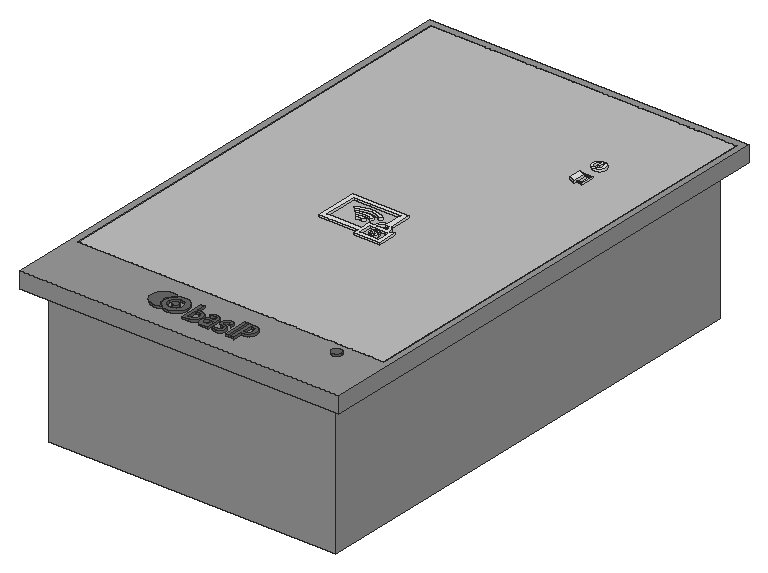
Revit family "CR-02BD", category Устройства связи, Revit 2022
Family settings
  Размер круглого соединителя = Использовать диаметр
  Тип детали = Нормальный
  На основе рабочей плоскости = Да
  Всегда вертикально = Нет
  При загрузке вырезать с полостями = Нет
  Сохранять ориентацию аннотаций = Нет
  Общий = Да
  Точка принадлежности помещению = Нет
Parameters (values of type "CR-02BD")
  Цветовое решение = "Gold, Silver, Black"
  Допустимая влажность при эксплуатации = "до 93%"
  Подключение кнопки выхода = "Есть"
  Стандарт используемых карт и брелоков = "UKEY (EM-Marin/ MIFARE®/NFC/Bluetooth)"
  Подключение датчика двери = "Есть"
  Температурный режим = "-40 ... +65 °С"
  Тип подключаемых замков = "Электромеханические / электромагнитные"
  Размер = "99×159×48 мм"
  Размер кронштейна = "94x 156x 59 мм"
  Потребление питания = "6,0 Вт, в режиме ожидания – 2,5 Вт"
  Питание = "PoE, +12 В (+12% -6%)"
  Default Elevation = 0 mm
  Описание = "Считыватель со встроенным контроллером CR-02BD - Внешний сетевой считыватель бесконтактных карт и брелоков со встроенным контроллером и поддержкой технологии UKEY: считывание карт, брелоков и мобильных идентификаторов по стандартам Mifare® Plus и Mifare® Classic, Bluetooth, NFC. С помощью внешнего сетевого считывателя бесконтактных карт BAS-IP CR-02BD можно считывать бесконтактные карты, брелоки, а также мобильные идентификаторы с мобильных устройств"
  Используемые протоколы работы в сети Ethernet = "TCP/IP"
  Возможность подключения дополнительного считывателя = "Нет"
  Материал корпуса = Материал серый
  Корпус = "Металлический сплав с высоким уровнем антивандальности и коррозионной стойкости (На лицевой панели – пластиковая декоративная накладка)"
  Класс защищенности = "IP65"
  Количество карт администратора = "1"
  Интерфейс подключения для ПО управления, ПО учета и статистики и ПО конфигурирования = "RJ45 Ethernet"
  Интеграция со СКУД = "Выход WIEGAND-26, 32, 34, 37, 40, 42, 56, 58, 64 бит"
  Изображение типоразмера = <Нет>
  Изготовитель = "BAS-IP"
  Количество идентификаторов в памяти панели = "20 000"
  Группа модели = "Считыватель со встроенным контроллером CR-02BD"
  Звуковой сигнал открытия двери = "Есть"
  URL = "https://www.bas-ip.ru"
  Email разработчика семейства = "lytvynchukartur@gmail.com"
  BIM library = "https://bimlib.ru/manufacturer/"
  ADSK_Размер_Ширина = 99 mm
  ADSK_Размер_Толщина = 48 mm
  ADSK_Размер_Длина = 159 mm
  ADSK_Примечание = ""
  ADSK_Полная мощность = 6 VA  # constant formula
  ADSK_Позиция = ""
  ADSK_Обозначение = ""
  ADSK_Номинальная мощность = 6 W
  ADSK_Напряжение = 12 V
  ADSK_Наименование краткое = "CR-02BD"
  ADSK_Наименование = "Считыватель со встроенным контроллером CR-02BD"
  ADSK_Масса_Текст = ""
  ADSK_Марка = "CR-02BD"
  ADSK_Коэффициент мощности = 0.9
  ADSK_Количество фаз = 1
  ADSK_Код изделия = ""
  ADSK_Классификация нагрузок = Считыватель со встроенным контроллером
  ADSK_Зона = ""
  ADSK_Завод-изготовитель = "BAS-IP"
  ADSK_Единица измерения = "шт"
  ADSK_Версия Revit = "Revit 2020"  # constant formula
  ADSK_URL страницы изделия = "https://www.bas-ip.ru/catalog/accessories/cr-02bd/"
  ADSK_URL документации изделия = "-"
Reference planes
  plane 1 "По центру (Вперед/Назад)": y = 0
  plane 2: z = 0
  plane 3 "По центру (Влево/Вправо)": x = 0
Forms (mm)
  Extrusion 1, solid, material "Материал серый" <- "Материал корпуса", detail levels medium+fine
    sketch origin (794.897, 48.335, -2.742) x (1, 0, 0) y (0, 1, 0)
      loop
        line (-839.397, 26.165) -> (-839.397, -122.835) -> (-750.397, -122.835) -> (-750.397, 26.165) -> (-839.397, 26.165)
    from -40.258 to 2.742
  Extrusion 2, solid, material "Матеріал светло-серый", detail levels medium+fine
    sketch origin (20.82, -141.29, 54) x (1, 0, 0) y (0, 1, 0)
      loop
        line (-68.32, 218.79) -> (-68.32, 81.79) -> (26.68, 81.79) -> (26.68, 218.79) -> (-68.32, 218.79)
    from -54 to -49
  Extrusion 3, solid, material "Материал белый", detail levels medium+fine
    sketch origin (-155.763, -187.783, 55) x (1, 0, 0) y (0, 1, 0)
      loop
        line (159.176, 173.833) -> (165.176, 173.833) -> (165.176, 177.793) -> (159.176, 177.793) -> (159.176, 173.833)
      loop
        line (158.176, 178.793) -> (159.676, 178.793)
        arc (159.676, 178.793) -> (160.341, 180.491) -> (161.981, 181.285) r 2.5
        line (161.981, 181.285) -> (161.981, 186.283) -> (147.395, 186.283) -> (147.395, 175.996) -> (158.176, 175.996) -> (158.176, 178.793)
      loop
        line (166.176, 178.793) -> (164.676, 178.793)
        arc (164.676, 178.793) -> (164.357, 180.015) -> (163.481, 180.925) r 2.5
        line (163.481, 180.925) -> (163.481, 187.783) -> (145.895, 187.783) -> (145.895, 174.496) -> (158.176, 174.496) -> (158.176, 172.833) -> (166.176, 172.833) -> (166.176, 178.793)
      loop
        arc (163.876, 178.793) -> (162.176, 180.493) -> (160.476, 178.793) r 1.7
        line (160.476, 178.793) -> (163.876, 178.793)
      loop
        circle (162.176, 175.813) r 0.794
      loop
        circle (162.176, 175.813) r 1.4
      loop
        arc (156.25, 180.012) -> (154.688, 180.451) -> (153.126, 180.012) r 3
        line (153.126, 180.012) -> (153.865, 179.274)
        arc (153.865, 179.274) -> (154.688, 179.451) -> (155.511, 179.274) r 2
        line (155.511, 179.274) -> (156.25, 180.012)
      loop
        line (156.972, 180.735) -> (157.688, 181.451)
        arc (157.688, 181.451) -> (154.688, 182.451) -> (151.688, 181.451) r 5
        line (151.688, 181.451) -> (152.404, 180.735)
        arc (152.404, 180.735) -> (154.688, 181.451) -> (156.972, 180.735) r 4
      loop
        line (158.401, 182.164) -> (159.112, 182.875)
        arc (159.112, 182.875) -> (154.688, 184.451) -> (150.264, 182.875) r 7
        line (150.264, 182.875) -> (150.975, 182.164)
        arc (150.975, 182.164) -> (154.688, 183.451) -> (158.401, 182.164) r 6
    from -52 to -49.5
  Extrusion 4, solid, material "Материал черный", detail levels medium+fine
    sketch origin (-347.374, 113.518, 55) x (1, 0, 0) y (0, 1, 0)
      loop
        line (356.88, -186.964) -> (357.899, -186.964) -> (357.899, -179.545) -> (356.88, -179.545) -> (356.88, -186.964)
      loop
        line (358.427, -186.964) -> (359.482, -186.964) -> (359.482, -184.331)
        arc (359.482, -184.331) -> (362.292, -182.442) -> (360.54, -179.545) r 2.453
        line (360.54, -179.545) -> (358.427, -179.545) -> (358.427, -186.964)
      loop
        arc (359.482, -183.276) -> (361.428, -181.975) -> (359.482, -180.674) r 1.408
        line (359.482, -180.674) -> (359.482, -183.276)
      loop
        line (343.206, -179.545) -> (343.206, -186.964) -> (345.339, -186.964)
        spline (345.339, -186.964) -> (346.042, -186.725) -> (346.661, -186.338) -> (347.154, -185.829) -> (347.487, -185.234) -> (347.638, -184.593) -> (347.597, -183.95) -> (347.366, -183.348) -> (346.961, -182.829) -> (346.41, -182.427) -> (345.75, -182.171) -> (345.026, -182.077) -> (344.288, -182.153)
        line (344.288, -182.153) -> (344.288, -179.545) -> (343.206, -179.545)
      loop
        line (344.288, -183.25) -> (344.288, -185.888) -> (345.538, -185.888)
        spline (345.538, -185.888) -> (345.944, -185.641) -> (346.28, -185.32) -> (346.523, -184.949) -> (346.656, -184.551) -> (346.67, -184.155) -> (346.565, -183.786) -> (346.347, -183.472) -> (346.031, -183.232) -> (345.639, -183.083) -> (345.197, -183.035) -> (344.736, -183.092) -> (344.288, -183.25)
      loop
        line (355.257, -182.882) -> (355.257, -181.831)
        arc (355.257, -181.831) -> (354.366, -181.362) -> (353.37, -181.498) r 1.648
        arc (353.37, -181.498) -> (352.653, -182.161) -> (352.437, -183.113) r 1.648
        arc (352.437, -183.113) -> (352.881, -184.184) -> (353.952, -184.628) r 1.515
        arc (353.952, -184.628) -> (354.526, -184.866) -> (354.763, -185.439) r 0.811
        arc (354.763, -185.439) -> (354.358, -186.142) -> (353.547, -186.142) r 0.811
        line (353.547, -186.142) -> (352.402, -185.94) -> (352.402, -186.785) -> (353.994, -187.065)
        arc (353.994, -187.065) -> (355.434, -185.941) -> (355.053, -184.153) r 1.723
        line (355.053, -184.153) -> (353.929, -183.809)
        arc (353.929, -183.809) -> (353.35, -182.806) -> (354.438, -182.41) r 0.756
        line (354.438, -182.41) -> (355.257, -182.882)
      loop
        line (351.349, -186.964) -> (351.349, -182.378)
        arc (351.349, -182.378) -> (349.912, -181.321) -> (348.201, -181.823) r 2.009
        arc (348.201, -181.823) -> (348.119, -182.363) -> (348.628, -182.562) r 0.437
        arc (348.628, -182.562) -> (349.601, -182.025) -> (350.574, -182.562) r 1.15
        line (350.574, -182.562) -> (350.574, -183.411) -> (349.065, -183.411)
        arc (349.065, -183.411) -> (347.892, -185.074) -> (348.647, -186.964) r 2.133
        line (348.647, -186.964) -> (351.349, -186.964)
      loop
        line (350.574, -185.888) -> (350.574, -184.24) -> (349.445, -184.24)
        arc (349.445, -184.24) -> (348.621, -185.064) -> (349.445, -185.888) r 0.824
        line (349.445, -185.888) -> (350.574, -185.888)
      loop
        spline (337.158, -183.012) -> (337.193, -183.28) -> (337.298, -183.53) -> (337.464, -183.744) -> (337.68, -183.909) -> (337.932, -184.012) -> (338.203, -184.048) -> (338.473, -184.012) -> (338.725, -183.909) -> (338.941, -183.744) -> (339.108, -183.53) -> (339.212, -183.28) -> (339.248, -183.012)
        spline (339.248, -183.012) -> (339.212, -182.744) -> (339.108, -182.494) -> (338.941, -182.279) -> (338.725, -182.115) -> (338.473, -182.011) -> (338.203, -181.976) -> (337.932, -182.011) -> (337.68, -182.115) -> (337.464, -182.279) -> (337.298, -182.494) -> (337.193, -182.744) -> (337.158, -183.012)
      loop
        spline (336.007, -183.012) -> (336.082, -183.575) -> (336.301, -184.1) -> (336.65, -184.551) -> (337.105, -184.897) -> (337.634, -185.114) -> (338.203, -185.189) -> (338.771, -185.114) -> (339.3, -184.897) -> (339.755, -184.551) -> (340.104, -184.1) -> (340.323, -183.575) -> (340.398, -183.012)
        spline (340.398, -183.012) -> (340.323, -182.448) -> (340.104, -181.923) -> (339.755, -181.472) -> (339.3, -181.126) -> (338.771, -180.909) -> (338.203, -180.835) -> (337.634, -180.909) -> (337.105, -181.126) -> (336.65, -181.472) -> (336.301, -181.923) -> (336.082, -182.448) -> (336.007, -183.012)
      loop
        spline (334.505, -183.012) -> (334.631, -183.949) -> (335, -184.823) -> (335.588, -185.573) -> (336.354, -186.148) -> (337.246, -186.51) -> (338.203, -186.633) -> (339.16, -186.51) -> (340.051, -186.148) -> (340.817, -185.573) -> (341.405, -184.823) -> (341.774, -183.949) -> (341.9, -183.012)
        spline (341.9, -183.012) -> (341.774, -182.074) -> (341.405, -181.201) -> (340.817, -180.451) -> (340.051, -179.875) -> (339.16, -179.514) -> (338.203, -179.39) -> (337.246, -179.514) -> (336.354, -179.875) -> (335.588, -180.451) -> (335, -181.201) -> (334.631, -182.074) -> (334.505, -183.012)
    from -52 to -49.5
  Extrusion 5, solid, material "Материал черный", detail levels medium+fine
    sketch origin (-377.374, 113.518, 55) x (1, 0, 0) y (0, 1, 0)
      loop
        spline (366.327, -186.133) -> (365.803, -185.767) -> (365.353, -185.319) -> (364.988, -184.801) -> (364.72, -184.229) -> (364.558, -183.62) -> (364.505, -182.993) -> (364.564, -182.366) -> (364.733, -181.759) -> (365.007, -181.19) -> (365.377, -180.675) -> (365.833, -180.232) -> (366.36, -179.872)
        spline (366.36, -179.872) -> (365.133, -179.39) -> (363.811, -179.355) -> (362.559, -179.771) -> (361.532, -180.586) -> (360.857, -181.7) -> (360.617, -182.973) -> (360.843, -184.249) -> (361.506, -185.369) -> (362.525, -186.194) -> (363.772, -186.623) -> (365.094, -186.601) -> (366.327, -186.133)
    from -52 to -49.5
  Extrusion 6, solid, material "Материал белый", detail levels medium+fine
    sketch origin (-127.644, -144.484, 55) x (1, 0, 0) y (0, 1, 0)
      loop
        line (155.205, 194.532) -> (155.205, 193.709)
        arc (155.205, 193.709) -> (155.855, 191.391) -> (156.505, 193.709) r 1.25
        line (156.505, 193.709) -> (156.505, 194.532)
        arc (156.505, 194.532) -> (155.855, 190.641) -> (155.205, 194.532) r 2
      loop
        line (155.455, 192.596) -> (156.255, 192.596) -> (156.255, 194.6) -> (155.455, 194.6) -> (155.455, 192.596)
    from -52 to -49.5
  Extrusion 7, solid, material "Материал белый", detail levels medium+fine
    sketch origin (-127.644, -152.484, 55) x (1, 0, 0) y (0, 1, 0)
      loop
        line (153.855, 195.582) -> (153.855, 191.582) -> (155.855, 190.649) -> (155.855, 194.649) -> (153.855, 195.582)
    from -52 to -49.5
  Extrusion 8, solid, material "Материал белый", detail levels medium+fine
    sketch origin (-124.169, -152.484, 55) x (1, 0, 0) y (0, 1, 0)
      loop
        line (150.381, 195.582) -> (151.453, 195.082) -> (153.881, 195.082) -> (153.881, 192.082) -> (151.453, 192.082) -> (152.381, 191.582) -> (154.381, 191.582) -> (154.381, 195.582) -> (150.381, 195.582)
    from -52 to -49.7
  Extrusion 9, solid, material "Материал серый" <- "Материал корпуса", detail levels medium+fine
    sketch origin (-129.18, -141.29, 54) x (1, 0, 0) y (0, 1, 0)
      loop
        line (79.68, 220.79) -> (79.68, 61.79) -> (178.68, 61.79) -> (178.68, 220.79) -> (79.68, 220.79)
      loop
        line (81.68, 218.79) -> (81.68, 81.79) -> (176.68, 81.79) -> (176.68, 218.79) -> (81.68, 218.79)
    from -54 to -49
  Extrusion 10, solid, material "Материал черный", detail levels medium+fine
    sketch origin (-325.686, 118.486, 55) x (1, 0, 0) y (0, 1, 0)
      loop
        circle (361.686, -181.986) r 1.5
    from -52 to -49.5
Lines and regions (mm)
  symbolic lines
    curve 1: line (-49.5, -79.5, 0) -> (49.5, -79.5, 0)
    curve 2: line (-49.5, -79.5, 0) -> (-49.5, 79.5, 0)
Dimensions and locks
  aligned and locked: level to plane 2
Connectors
  electrical at (0, 0, -43)
    settings: on Extrusion 1, index 5, voltage 0 V, apparent load 0 VA, apparent load phase1 0 VA, apparent load phase2 0 VA, apparent load phase3 0 VA, power factor 1, load classification "Прочее", number of poles 1, system type 13, power factor state 1, is connector primary yes, connector utility no, sub classification motor no, connector description ""
  electrical at (7.231, 0.308, -43)
    settings: on Extrusion 1, index 10, voltage 12 V, apparent load 6 VA, apparent load phase1 0 VA, apparent load phase2 0 VA, apparent load phase3 0 VA, power factor 0.9, load classification "Считыватель со встроенным контроллером", number of poles 1, system type 30, power factor state 1, is connector primary no, connector utility no, sub classification motor no, connector description ""
  electrical at (-7.769, 0.308, -43)
    settings: on Extrusion 1, index 13, voltage 0 V, apparent load 0 VA, apparent load phase1 0 VA, apparent load phase2 0 VA, apparent load phase3 0 VA, power factor 1, load classification "Прочее", number of poles 1, system type 5, power factor state 1, is connector primary no, connector utility no, sub classification motor no, connector description ""
